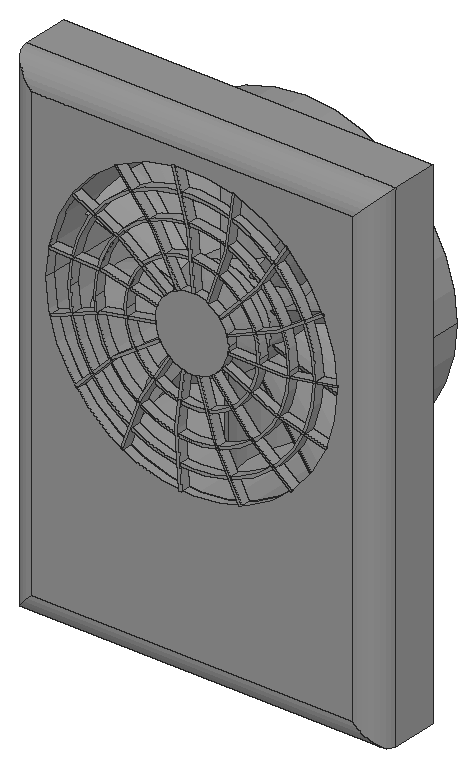
Revit family "Smart_IR", category Mechanical Equipment, Revit 2021
Family settings
  Round Connector Dimension = Use Diameter
  Classification = None
  Part Type = Normal
  Work Plane-Based = No
  Always vertical = Yes
  Cut with Voids When Loaded = No
  Shared = No
  Room Calculation Point = No
Parameters (values of type "Smart IR125 Royal Granit")
  Панель = Panel : 125 Royal granit
  Width = a  # 155 mm
  Weight = 0.40 kg  # constant formula
  Sound pressure level at 3 m distance = "32 dBA"
  Length = L  # 56 mm
  Height = b  # 209 mm
  Diameter = d  # 125 mm
  Default Elevation = 0 mm
  Description = "For round channels"  # constant formula
  Manufacturer = "Blauberg"  # constant formula
  d = 125 mm
  c = 28 mm  # constant formula
  b = 209 mm  # constant formula
  a = 155 mm  # constant formula
  Voltage = if(Number of Fase = 3, 400 V, 230 V)  # 230 V
  URL = "https://blaubergventilatoren.de/en/series/smart#downloads"
  Pressure_Static_Air [instance] = 0.0 m³/h
  Power = 3.8 W
  Number of Fase = 1
  Maximum Air Flow = 133.0 m³/h
  Maintenance zone material = none
  Load Classification = "HVAC"
  e = 28 mm  # constant formula
  L = e + c  # 56 mm
  Frequency = 50 Hz
  Dy = d - 5 mm  # 120 mm
  Casing Material = Plastic, opaque, white
  Apparent Load = Voltage * Amperage  # 16.1 W
  Amperage = if(d = 100 mm, 0.06 A, 0.07 A)  # 0.07 A
  Air Flow [instance] = 0.0 m³/h
  09_System_Name [instance] = ""
  00_20_Type = "Smart IR125 Royal Granit"
  00_20_Name = "Axial fan"  # constant formula
  00_20_Manufacturer = "Blauberg"  # constant formula
Types (29, lengths in mm): name | Панель | Sound pressure level at 3 m distance | Diameter | d | Maximum Air Flow | Frequency | Dy | Apparent Load | Amperage | 00_20_Type
  (no name) | Panel : 125 Royal granit | "32 dBA" | 125 | 125 | 133.0 m³/h | 50 Hz | 120 | 16.1 W | 0.07 A | "Smart IR125 Royal Granit"
  Smart 100 Brilliant red | Panel : 100 Brilliant red | "31 dBA" | 100 | 100 | 106.0 m³/h | 50 Hz | 95 | 13.8 W | 0.06 A | "Smart 100 Brilliant red"
  Smart 125 Madeira | Panel : 125 Madeira | "32 dBA" | 125 | 125 | 133.0 m³/h | 0 Hz | 120 | 16.1 W | 0.07 A | "Smart 125 Madeira"
  Smart 100 Madeira | Panel : 100 Madeira | "31 dBA" | 100 | 100 | 106.0 m³/h | 50 Hz | 95 | 13.8 W | 0.06 A | "Smart 100 Madeira"
  Smart 125 Brilliant red | Panel : 125 Brilliant red | "32 dBA" | 125 | 125 | 133.0 m³/h | 50 Hz | 120 | 16.1 W | 0.07 A | "Smart 125 Brilliant red"
  Smart 100 Savanna | Panel : 100 Savanna | "31 dBA" | 100 | 100 | 106.0 m³/h | 50 Hz | 95 | 13.8 W | 0.06 A | "Smart 100 Savanna"
  Smart 125 Savanna | Panel : 125 Savanna | "32 dBA" | 125 | 125 | 133.0 m³/h | 50 Hz | 120 | 16.1 W | 0.07 A | "Smart 125 Savanna"
  Smart 100 Cosmos Black | Panel : 100 Cosmos black | "31 dBA" | 100 | 100 | 106.0 m³/h | 50 Hz | 95 | 13.8 W | 0.06 A | "Smart 100 Cosmos Black"
  Smart 125 Cosmos Black | Panel : 125 Cosmos black | "32 dBA" | 125 | 125 | 133.0 m³/h | 50 Hz | 120 | 16.1 W | 0.07 A | "Smart 125 Cosmos Black"
  Smart 100 Royal Granit | Panel : 100 Royal granit | "31 dBA" | 100 | 100 | 106.0 m³/h | 50 Hz | 95 | 13.8 W | 0.06 A | "Smart 100 Royal Granit"
  Smart 125 Royal Granit | Panel : 125 Royal granit | "32 dBA" | 125 | 125 | 133.0 m³/h | 50 Hz | 120 | 16.1 W | 0.07 A | "Smart 125 Royal Granit"
  Smart 100 Platinum | Panel : 100 Platinum | "31 dBA" | 100 | 100 | 106.0 m³/h | 50 Hz | 95 | 13.8 W | 0.06 A | "Smart 100 Platinum"
  Smart 125 Platinum | Panel : 125 Platinum | "32 dBA" | 125 | 125 | 133.0 m³/h | 50 Hz | 120 | 16.1 W | 0.07 A | "Smart 125 Platinum"
  Smart 125 Volcano Gray | Panel : 125 Volcano Gray | "32 dBA" | 125 | 125 | 133.0 m³/h | 50 Hz | 120 | 16.1 W | 0.07 A | "Smart 125 Volcano Gray"
  Smart 100 Volcano Gray | Panel : 100 Volcano Gray | "31 dBA" | 100 | 100 | 106.0 m³/h | 50 Hz | 95 | 13.8 W | 0.06 A | "Smart 100 Volcano Gray"
  Smart IR 100 Brilliant red | Panel : 100 Brilliant red | "31 dBA" | 100 | 100 | 106.0 m³/h | 50 Hz | 95 | 13.8 W | 0.06 A | "Smart IR 100 Brilliant red"
  Smart IR 100 Cosmos Black | Panel : 100 Cosmos black | "31 dBA" | 100 | 100 | 106.0 m³/h | 50 Hz | 95 | 13.8 W | 0.06 A | "Smart IR 100 Cosmos Black"
  Smart IR 100 Madeira | Panel : 100 Madeira | "31 dBA" | 100 | 100 | 106.0 m³/h | 50 Hz | 95 | 13.8 W | 0.06 A | "Smart IR 100 Madeira"
  Smart IR 100 Platinum | Panel : 100 Platinum | "31 dBA" | 100 | 100 | 106.0 m³/h | 50 Hz | 95 | 13.8 W | 0.06 A | "Smart IR 100 Platinum"
  Smart IR 100 Royal Granit | Panel : 100 Royal granit | "31 dBA" | 100 | 100 | 106.0 m³/h | 50 Hz | 95 | 13.8 W | 0.06 A | "Smart IR 100 Royal Granit"
  Smart IR 100 Savanna | Panel : 100 Savanna | "31 dBA" | 100 | 100 | 106.0 m³/h | 50 Hz | 95 | 13.8 W | 0.06 A | "Smart IR 100 Savanna"
  Smart IR 100 Volcano Gray | Panel : 100 Volcano Gray | "31 dBA" | 100 | 100 | 106.0 m³/h | 50 Hz | 95 | 13.8 W | 0.06 A | "Smart IR 100 Volcano Gray"
  Smart IR 125 Brilliant red | Panel : 125 Brilliant red | "32 dBA" | 125 | 125 | 133.0 m³/h | 50 Hz | 120 | 16.1 W | 0.07 A | "Smart IR 125 Brilliant red"
  Smart IR 125 Cosmos Black | Panel : 125 Cosmos black | "32 dBA" | 125 | 125 | 133.0 m³/h | 50 Hz | 120 | 16.1 W | 0.07 A | "Smart IR 125 Cosmos Black"
  Smart IR 125 Madeira | Panel : 125 Madeira | "32 dBA" | 125 | 125 | 133.0 m³/h | 0 Hz | 120 | 16.1 W | 0.07 A | "Smart IR 125 Madeira"
  Smart IR 125 Platinum | Panel : 125 Platinum | "32 dBA" | 125 | 125 | 133.0 m³/h | 50 Hz | 120 | 16.1 W | 0.07 A | "Smart IR 125 Platinum"
  Smart IR125 Royal Granit | Panel : 125 Royal granit | "32 dBA" | 125 | 125 | 133.0 m³/h | 50 Hz | 120 | 16.1 W | 0.07 A | "Smart IR125 Royal Granit"
  Smart IR 125 Savanna | Panel : 125 Savanna | "32 dBA" | 125 | 125 | 133.0 m³/h | 50 Hz | 120 | 16.1 W | 0.07 A | "Smart IR 125 Savanna"
  Smart IR 125 Volcano Gray | Panel : 125 Volcano Gray | "32 dBA" | 125 | 125 | 133.0 m³/h | 50 Hz | 120 | 16.1 W | 0.07 A | "Smart IR 125 Volcano Gray"
Reference planes
  plane 1 "По центру (Вперед/Назад)": y = 0
  plane 2: z = 0
  plane 3 "По центру (Влево/Вправо)": x = 0
Forms (mm)
  Extrusion 1, solid, material "Plastic, opaque, white" <- "Casing Material"
    sketch origin (0, 0, 0) x (1, 0, 0) y (0, 0, 1)
      loop
        circle (0, 0) r 62.5
      loop
        circle (0, 0) r 60
    from -29 to 25
Dimensions and locks
  plane 1 "По центру (Вперед/Назад)" to Extrusion 1 = 29 mm
  "c": plane 1 "По центру (Вперед/Назад)" to nested 1
  "d": diameter of Extrusion 1 sketch curve
  "Dy": diameter of Extrusion 1 sketch curve
  aligned and locked: level to plane 2
  aligned and locked: level to nested 1
  aligned and locked: nested 1 to plane 3 "По центру (Влево/Вправо)"
  aligned and locked: plane 1 "По центру (Вперед/Назад)" to nested 2
  aligned and locked: plane 3 "По центру (Влево/Вправо)" to nested 2
Automatic sketch dimensions
  Extrusion 1 sketch curve to Extrusion 1 sketch curve = 0 mm  (x2)
  Extrusion 1 sketch curve to level = 0 mm
  Extrusion 1 sketch curve to plane 3 "По центру (Влево/Вправо)" = 0 mm
Nested families
  nested 1: "Fan" at (0, 19.445, 0) x (-1, 0, 0) z (0, -1, 0), type "Fan"
    with R 60 mm, Dy 120 mm
  nested 2: "Panel" at (0, 0, 0), type <- "Панель", type "125 Royal granit"
Connectors
  hvac at (0, 29, 0), driven by "d"
    settings: on Extrusion 1, index 1, duct flow 0.0 m³/h, flow factor 0, pres drop 0.0 Pa, loss coef 0, conn angle 0.00°, conn width 304.8 mm, conn height 304.8 mm, conn diameter 125 mm, duct sys type 3, conn prof type 0, flow config 0, flow direction 2, loss method 0, conn ref index -1, conn util no, is conn primary yes, conn desc ""
  electrical at (0, 29, 0), driven by "Voltage", driven by "Power"
    settings: on Extrusion 1, index 2, voltage 230 V, apparent load 3.8 W, apparent load phase1 0 W, apparent load phase2 0 W, apparent load phase3 0 W, power factor 1, load classification "Прочее", number of poles 1, system type 30, power factor state 1, is connector primary yes, connector utility no, sub classification motor no, connector description ""
Definition of nested family "Fan"
  Parameters (values of type "Вентилятор")
    Default Elevation = 0 mm
    n = 10
    R = Dy / 2  # 47.5 mm
    Dy = 95 mm
  Reference planes
    plane 1 "По центру (Вперед/Назад)": y = 0
    plane 2: z = 0
    plane 3 "По центру (Влево/Вправо)": x = 0
  Forms (mm)
    Extrusion 1, solid
      sketch origin (5, 0, 0) x (1, 0, 0) y (0, 0, 1)
        loop
          arc (-1.417, 0) -> (-5.784, 15.673) -> (-3.327, 31.756) r 38.725
          arc (-3.327, 31.756) -> (-13.26, 17.281) -> (-10.167, 0) r 23.13
          line (-10.167, 0) -> (-1.417, 0)
      from 17.36 to 47.5 <- "R"
    Extrusion 2, solid
      sketch origin (4.045, -2.939, 0) x (0.809017, -0.587785, 0) y (0, 0, 1)
        loop
          arc (-1.417, 0) -> (-5.784, 15.673) -> (-3.327, 31.756) r 38.725
          arc (-3.327, 31.756) -> (-13.26, 17.281) -> (-10.167, 0) r 23.13
          line (-10.167, 0) -> (-1.417, 0)
      from 17.36 to 47.5 <- "R"
    Extrusion 3, solid
      sketch origin (4.045, 2.939, 0) x (0.809017, 0.587785, 0) y (0, 0, 1)
        loop
          arc (-1.417, 0) -> (-5.784, 15.673) -> (-3.327, 31.756) r 38.725
          arc (-3.327, 31.756) -> (-13.26, 17.281) -> (-10.167, 0) r 23.13
          line (-10.167, 0) -> (-1.417, 0)
      from 17.36 to 47.5 <- "R"
    Extrusion 4, solid
      sketch origin (1.545, 4.755, 0) x (0.309017, 0.951057, 0) y (0, 0, 1)
        loop
          arc (-1.417, 0) -> (-5.784, 15.673) -> (-3.327, 31.756) r 38.725
          arc (-3.327, 31.756) -> (-13.26, 17.281) -> (-10.167, 0) r 23.13
          line (-10.167, 0) -> (-1.417, 0)
      from 17.36 to 47.5 <- "R"
    Extrusion 5, solid
      sketch origin (-1.545, 4.755, 0) x (-0.309017, 0.951057, 0) y (0, 0, 1)
        loop
          arc (-1.417, 0) -> (-5.784, 15.673) -> (-3.327, 31.756) r 38.725
          arc (-3.327, 31.756) -> (-13.26, 17.281) -> (-10.167, 0) r 23.13
          line (-10.167, 0) -> (-1.417, 0)
      from 17.36 to 47.5 <- "R"
    Extrusion 6, solid
      sketch origin (-4.045, 2.939, 0) x (-0.809017, 0.587785, 0) y (0, 0, 1)
        loop
          arc (-1.417, 0) -> (-5.784, 15.673) -> (-3.327, 31.756) r 38.725
          arc (-3.327, 31.756) -> (-13.26, 17.281) -> (-10.167, 0) r 23.13
          line (-10.167, 0) -> (-1.417, 0)
      from 17.36 to 47.5 <- "R"
    Extrusion 7, solid
      sketch origin (-5, 0, 0) x (-1, 0, 0) y (0, 0, 1)
        loop
          arc (-1.417, 0) -> (-5.784, 15.673) -> (-3.327, 31.756) r 38.725
          arc (-3.327, 31.756) -> (-13.26, 17.281) -> (-10.167, 0) r 23.13
          line (-10.167, 0) -> (-1.417, 0)
      from 17.36 to 47.5 <- "R"
    Extrusion 8, solid
      sketch origin (-4.045, -2.939, 0) x (-0.809017, -0.587785, 0) y (0, 0, 1)
        loop
          arc (-1.417, 0) -> (-5.784, 15.673) -> (-3.327, 31.756) r 38.725
          arc (-3.327, 31.756) -> (-13.26, 17.281) -> (-10.167, 0) r 23.13
          line (-10.167, 0) -> (-1.417, 0)
      from 17.36 to 47.5 <- "R"
    Revolve 9, solid
      sketch origin (0, 0, 0) x (1, 0, 0) y (0, 0, 1)
        loop
          line (0, -8.555) -> (20, -8.555) -> (20, 33.086)
          arc (20, 33.086) -> (10.356, 37.118) -> (0, 38.543) r 40.436
          line (0, 38.543) -> (0, -8.555)
        axis (0, 38.543) -> (0, -8.555)
      angle from 0 to 360
    Extrusion 10, solid
      sketch origin (-1.545, -4.755, 0) x (-0.309017, -0.951057, 0) y (0, 0, 1)
        loop
          arc (-1.417, 0) -> (-5.784, 15.673) -> (-3.327, 31.756) r 38.725
          arc (-3.327, 31.756) -> (-13.26, 17.281) -> (-10.167, 0) r 23.13
          line (-10.167, 0) -> (-1.417, 0)
      from 17.36 to 47.5 <- "R"
    Extrusion 11, solid
      sketch origin (1.545, -4.755, 0) x (0.309017, -0.951057, 0) y (0, 0, 1)
        loop
          arc (-1.417, 0) -> (-5.784, 15.673) -> (-3.327, 31.756) r 38.725
          arc (-3.327, 31.756) -> (-13.26, 17.281) -> (-10.167, 0) r 23.13
          line (-10.167, 0) -> (-1.417, 0)
      from 17.36 to 47.5 <- "R"
  Dimensions and locks
    aligned and locked: level to plane 2
  Automatic sketch dimensions
    Extrusion 1 sketch curve to Extrusion 1 sketch curve = 8.75 mm
    Extrusion 1 sketch curve to Extrusion 1 sketch curve = 10.768 mm
    Extrusion 1 sketch curve to Extrusion 1 sketch curve = 23.52 mm
    Extrusion 1 sketch curve to Extrusion 1 sketch curve = 12.411 mm
    Extrusion 1 sketch curve to Extrusion 1 sketch curve = 5.588 mm
    Extrusion 2 sketch curve to Extrusion 2 sketch curve = 8.75 mm
    Extrusion 2 sketch curve to Extrusion 2 sketch curve = 10.768 mm
    Extrusion 2 sketch curve to Extrusion 2 sketch curve = 23.52 mm
    Extrusion 2 sketch curve to Extrusion 2 sketch curve = 12.411 mm
    Extrusion 2 sketch curve to Extrusion 2 sketch curve = 5.588 mm
    Extrusion 3 sketch curve to Extrusion 3 sketch curve = 8.75 mm
    Extrusion 3 sketch curve to Extrusion 3 sketch curve = 10.768 mm
    Extrusion 3 sketch curve to Extrusion 3 sketch curve = 23.52 mm
    Extrusion 3 sketch curve to Extrusion 3 sketch curve = 12.411 mm
    Extrusion 3 sketch curve to Extrusion 3 sketch curve = 5.588 mm
    Extrusion 4 sketch curve to Extrusion 4 sketch curve = 8.75 mm
    Extrusion 4 sketch curve to Extrusion 4 sketch curve = 10.768 mm
    Extrusion 4 sketch curve to Extrusion 4 sketch curve = 23.52 mm
    Extrusion 4 sketch curve to Extrusion 4 sketch curve = 12.411 mm
    Extrusion 4 sketch curve to Extrusion 4 sketch curve = 5.588 mm
    Extrusion 5 sketch curve to Extrusion 5 sketch curve = 8.75 mm
    Extrusion 5 sketch curve to Extrusion 5 sketch curve = 10.768 mm
    Extrusion 5 sketch curve to Extrusion 5 sketch curve = 23.52 mm
    Extrusion 5 sketch curve to Extrusion 5 sketch curve = 12.411 mm
    Extrusion 5 sketch curve to Extrusion 5 sketch curve = 5.588 mm
    Extrusion 6 sketch curve to Extrusion 6 sketch curve = 8.75 mm
    Extrusion 6 sketch curve to Extrusion 6 sketch curve = 10.768 mm
    Extrusion 6 sketch curve to Extrusion 6 sketch curve = 23.52 mm
    Extrusion 6 sketch curve to Extrusion 6 sketch curve = 12.411 mm
    Extrusion 6 sketch curve to Extrusion 6 sketch curve = 5.588 mm
    Extrusion 7 sketch curve to Extrusion 7 sketch curve = 8.75 mm
    Extrusion 7 sketch curve to Extrusion 7 sketch curve = 10.768 mm
    Extrusion 7 sketch curve to Extrusion 7 sketch curve = 23.52 mm
    Extrusion 7 sketch curve to Extrusion 7 sketch curve = 12.411 mm
    Extrusion 7 sketch curve to Extrusion 7 sketch curve = 5.588 mm
    Extrusion 8 sketch curve to Extrusion 8 sketch curve = 8.75 mm
    Extrusion 8 sketch curve to Extrusion 8 sketch curve = 10.768 mm
    Extrusion 8 sketch curve to Extrusion 8 sketch curve = 23.52 mm
    Extrusion 8 sketch curve to Extrusion 8 sketch curve = 12.411 mm
    Extrusion 8 sketch curve to Extrusion 8 sketch curve = 5.588 mm
    Revolve 9 sketch curve to plane 3 "По центру (Влево/Вправо)" = 0 mm  (x2)
    Revolve 9 sketch curve to plane 3 "По центру (Влево/Вправо)" = 0.288 mm
    plane 3 "По центру (Влево/Вправо)" to Revolve 9 sketch curve = 20 mm
    Revolve 9 sketch curve to level = 8.555 mm
    Revolve 9 sketch curve to level = 1.892 mm
    level to Revolve 9 sketch curve = 33.086 mm
    Revolve 9 sketch curve to Revolve 9 sketch curve = 3.543 mm
    Revolve 9 sketch curve to Revolve 9 sketch curve = 1.457 mm
    Extrusion 10 sketch curve to Extrusion 10 sketch curve = 8.75 mm
    Extrusion 10 sketch curve to Extrusion 10 sketch curve = 10.768 mm
    Extrusion 10 sketch curve to Extrusion 10 sketch curve = 23.52 mm
    Extrusion 10 sketch curve to Extrusion 10 sketch curve = 12.411 mm
    Extrusion 10 sketch curve to Extrusion 10 sketch curve = 5.588 mm
    Extrusion 11 sketch curve to Extrusion 11 sketch curve = 8.75 mm
    Extrusion 11 sketch curve to Extrusion 11 sketch curve = 10.768 mm
    Extrusion 11 sketch curve to Extrusion 11 sketch curve = 23.52 mm
    Extrusion 11 sketch curve to Extrusion 11 sketch curve = 12.411 mm
    Extrusion 11 sketch curve to Extrusion 11 sketch curve = 5.588 mm
Definition of nested family "Panel"
  Parameters (values of type "125 Madeira")
    Default Elevation = 0 mm
    Материал панели [instance] = none
    Manufacturer = "Blauberg"  # constant formula
    d = 30 mm  # constant formula
    T = 29 mm
    H1 = Dy / 2 + (B - Dy) / 2  # 76 mm
    H = 206 mm
    Dy = 95 mm
    D33 = D3 - 2 mm  # 80 mm
    D3 = Dy - (Dy - d) / 5  # 82 mm
    D22 = D2 - 2 mm  # 64.739 mm
    D2 = Dy - (Dy - d) / 2.3  # 66.739 mm
    D11 = D1 - 2 mm  # 46.571 mm
    D1 = Dy - (Dy - d) / 1.4  # 48.571 mm
    B = 152 mm
  Types (14, lengths in mm): name | T | H1 | H | Dy | D33 | D3 | D22 | D2 | D11 | D1 | B
    100 Brilliant red | 29 | 76 | 206 | 95 | 80 | 82 | 64.739 | 66.739 | 46.571 | 48.571 | 152
    100 Royal granit | 29 | 76 | 206 | 95 | 80 | 82 | 64.739 | 66.739 | 46.571 | 48.571 | 152
    100 Cosmos black | 29 | 76 | 206 | 95 | 80 | 82 | 64.739 | 66.739 | 46.571 | 48.571 | 152
    125 Cosmos black | 28 | 77.5 | 209 | 120 | 100 | 102 | 78.87 | 80.87 | 53.714 | 55.714 | 155
    125 Royal granit | 29 | 76 | 206 | 120 | 100 | 102 | 78.87 | 80.87 | 53.714 | 55.714 | 152
    125 Brilliant red | 29 | 76 | 206 | 120 | 100 | 102 | 78.87 | 80.87 | 53.714 | 55.714 | 152
    100 Savanna | 29 | 76 | 206 | 95 | 80 | 82 | 64.739 | 66.739 | 46.571 | 48.571 | 152
    125 Savanna | 29 | 76 | 206 | 95 | 80 | 82 | 64.739 | 66.739 | 46.571 | 48.571 | 152
    100 Platinum | 29 | 76 | 206 | 95 | 80 | 82 | 64.739 | 66.739 | 46.571 | 48.571 | 152
    125 Platinum | 29 | 76 | 206 | 95 | 80 | 82 | 64.739 | 66.739 | 46.571 | 48.571 | 152
    125 Volcano Gray | 29 | 76 | 206 | 95 | 80 | 82 | 64.739 | 66.739 | 46.571 | 48.571 | 152
    100 Volcano Gray | 29 | 76 | 206 | 95 | 80 | 82 | 64.739 | 66.739 | 46.571 | 48.571 | 152
    100 Madeira | 29 | 76 | 206 | 95 | 80 | 82 | 64.739 | 66.739 | 46.571 | 48.571 | 152
    125 Madeira | 29 | 76 | 206 | 95 | 80 | 82 | 64.739 | 66.739 | 46.571 | 48.571 | 152
  Reference planes
    plane 1 "По центру (Вперед/Назад)": y = 0
    plane 2: z = 0
    plane 3 "По центру (Влево/Вправо)": x = 0
  Forms (mm)
    Extrusion 1, solid, material <- "Материал панели"
      sketch origin (0, 0, 0) x (1, 0, 0) y (0, 0, 1)
        loop
          line (-76, -130) -> (76, -130) -> (76, 76) -> (-76, 76) -> (-76, -130)
        loop
          circle (0, 0) r 47.5
        loop
          circle (0, 0) r 15
        loop
          circle (0, 0) r 24.286
        loop
          circle (0, 0) r 23.286
        loop
          circle (0, 0) r 33.37
        loop
          circle (0, 0) r 32.37
        loop
          circle (0, 0) r 41
        loop
          circle (0, 0) r 40
      from 0 to 29 <- "T"
    Extrusion 2, void
      sketch origin (0, 0, 0) x (1, 0, 0) y (0, 0, 1)
        loop
          line (-72, -126) -> (72, -126) -> (72, 72) -> (-72, 72) -> (-72, -126)
      from 0 to 25
    Extrusion 3, solid, material <- "Материал панели"
      sketch origin (0, 0, 0) x (1, 0, 0) y (0, 0, 1)
        loop
          arc (0, 15) -> (0.501, 14.992) -> (1.001, 14.967) r 15
          arc (1.001, 14.967) -> (0.001, 31.321) -> (-3.18, 47.393) r 122.058
          arc (-3.18, 47.393) -> (-3.688, 47.357) -> (-4.196, 47.314) r 47.5
          arc (-4.196, 47.314) -> (-1.006, 31.299) -> (0, 15) r 121.057
      from 25 to 29
    Extrusion 4, solid, material <- "Материал панели"
      sketch origin (0, 0, 0) x (0.913545, 0, -0.406737) y (0.406737, 0, 0.913545)
        loop
          arc (0, 15) -> (0.501, 14.992) -> (1.001, 14.967) r 15
          arc (1.001, 14.967) -> (0.001, 31.321) -> (-3.18, 47.393) r 122.058
          arc (-3.18, 47.393) -> (-3.688, 47.357) -> (-4.196, 47.314) r 47.5
          arc (-4.196, 47.314) -> (-1.006, 31.299) -> (0, 15) r 121.057
      from 25 to 29
    Extrusion 5, solid, material <- "Материал панели"
      sketch origin (0, 0, 0) x (0.913545, 0, 0.406737) y (-0.406737, 0, 0.913545)
        loop
          arc (0, 15) -> (0.501, 14.992) -> (1.001, 14.967) r 15
          arc (1.001, 14.967) -> (0.001, 31.321) -> (-3.18, 47.393) r 122.058
          arc (-3.18, 47.393) -> (-3.688, 47.357) -> (-4.196, 47.314) r 47.5
          arc (-4.196, 47.314) -> (-1.006, 31.299) -> (0, 15) r 121.057
      from 25 to 29
    Extrusion 6, solid, material <- "Материал панели"
      sketch origin (0, 0, 0) x (0.669131, 0, 0.743145) y (-0.743145, 0, 0.669131)
        loop
          arc (0, 15) -> (0.501, 14.992) -> (1.001, 14.967) r 15
          arc (1.001, 14.967) -> (0.001, 31.321) -> (-3.18, 47.393) r 122.058
          arc (-3.18, 47.393) -> (-3.688, 47.357) -> (-4.196, 47.314) r 47.5
          arc (-4.196, 47.314) -> (-1.006, 31.299) -> (0, 15) r 121.057
      from 25 to 29
    Extrusion 7, solid, material <- "Материал панели"
      sketch origin (0, 0, 0) x (0.309017, 0, 0.951057) y (-0.951057, 0, 0.309017)
        loop
          arc (0, 15) -> (0.501, 14.992) -> (1.001, 14.967) r 15
          arc (1.001, 14.967) -> (0.001, 31.321) -> (-3.18, 47.393) r 122.058
          arc (-3.18, 47.393) -> (-3.688, 47.357) -> (-4.196, 47.314) r 47.5
          arc (-4.196, 47.314) -> (-1.006, 31.299) -> (0, 15) r 121.057
      from 25 to 29
    Extrusion 8, solid, material <- "Материал панели"
      sketch origin (0, 0, 0) x (-0.104528, 0, 0.994522) y (-0.994522, 0, -0.104528)
        loop
          arc (0, 15) -> (0.501, 14.992) -> (1.001, 14.967) r 15
          arc (1.001, 14.967) -> (0.001, 31.321) -> (-3.18, 47.393) r 122.058
          arc (-3.18, 47.393) -> (-3.688, 47.357) -> (-4.196, 47.314) r 47.5
          arc (-4.196, 47.314) -> (-1.006, 31.299) -> (0, 15) r 121.057
      from 25 to 29
    Extrusion 9, solid, material <- "Материал панели"
      sketch origin (0, 0, 0) x (-0.5, 0, 0.866025) y (-0.866025, 0, -0.5)
        loop
          arc (0, 15) -> (0.501, 14.992) -> (1.001, 14.967) r 15
          arc (1.001, 14.967) -> (0.001, 31.321) -> (-3.18, 47.393) r 122.058
          arc (-3.18, 47.393) -> (-3.688, 47.357) -> (-4.196, 47.314) r 47.5
          arc (-4.196, 47.314) -> (-1.006, 31.299) -> (0, 15) r 121.057
      from 25 to 29
    Extrusion 10, solid, material <- "Материал панели"
      sketch origin (0, 0, 0) x (-0.809017, 0, 0.587785) y (-0.587785, 0, -0.809017)
        loop
          arc (0, 15) -> (0.501, 14.992) -> (1.001, 14.967) r 15
          arc (1.001, 14.967) -> (0.001, 31.321) -> (-3.18, 47.393) r 122.058
          arc (-3.18, 47.393) -> (-3.688, 47.357) -> (-4.196, 47.314) r 47.5
          arc (-4.196, 47.314) -> (-1.006, 31.299) -> (0, 15) r 121.057
      from 25 to 29
    Extrusion 11, solid, material <- "Материал панели"
      sketch origin (0, 0, 0) x (-0.978148, 0, 0.207912) y (-0.207912, 0, -0.978148)
        loop
          arc (0, 15) -> (0.501, 14.992) -> (1.001, 14.967) r 15
          arc (1.001, 14.967) -> (0.001, 31.321) -> (-3.18, 47.393) r 122.058
          arc (-3.18, 47.393) -> (-3.688, 47.357) -> (-4.196, 47.314) r 47.5
          arc (-4.196, 47.314) -> (-1.006, 31.299) -> (0, 15) r 121.057
      from 25 to 29
    Extrusion 12, solid, material <- "Материал панели"
      sketch origin (0, 0, 0) x (-0.978148, 0, -0.207912) y (0.207912, 0, -0.978148)
        loop
          arc (0, 15) -> (0.501, 14.992) -> (1.001, 14.967) r 15
          arc (1.001, 14.967) -> (0.001, 31.321) -> (-3.18, 47.393) r 122.058
          arc (-3.18, 47.393) -> (-3.688, 47.357) -> (-4.196, 47.314) r 47.5
          arc (-4.196, 47.314) -> (-1.006, 31.299) -> (0, 15) r 121.057
      from 25 to 29
    Extrusion 13, solid, material <- "Материал панели"
      sketch origin (0, 0, 0) x (-0.809017, 0, -0.587785) y (0.587785, 0, -0.809017)
        loop
          arc (0, 15) -> (0.501, 14.992) -> (1.001, 14.967) r 15
          arc (1.001, 14.967) -> (0.001, 31.321) -> (-3.18, 47.393) r 122.058
          arc (-3.18, 47.393) -> (-3.688, 47.357) -> (-4.196, 47.314) r 47.5
          arc (-4.196, 47.314) -> (-1.006, 31.299) -> (0, 15) r 121.057
      from 25 to 29
    Extrusion 14, solid, material <- "Материал панели"
      sketch origin (0, 0, 0) x (-0.5, 0, -0.866025) y (0.866025, 0, -0.5)
        loop
          arc (0, 15) -> (0.501, 14.992) -> (1.001, 14.967) r 15
          arc (1.001, 14.967) -> (0.001, 31.321) -> (-3.18, 47.393) r 122.058
          arc (-3.18, 47.393) -> (-3.688, 47.357) -> (-4.196, 47.314) r 47.5
          arc (-4.196, 47.314) -> (-1.006, 31.299) -> (0, 15) r 121.057
      from 25 to 29
    Extrusion 15, solid, material <- "Материал панели"
      sketch origin (0, 0, 0) x (-0.104528, 0, -0.994522) y (0.994522, 0, -0.104528)
        loop
          arc (0, 15) -> (0.501, 14.992) -> (1.001, 14.967) r 15
          arc (1.001, 14.967) -> (0.001, 31.321) -> (-3.18, 47.393) r 122.058
          arc (-3.18, 47.393) -> (-3.688, 47.357) -> (-4.196, 47.314) r 47.5
          arc (-4.196, 47.314) -> (-1.006, 31.299) -> (0, 15) r 121.057
      from 25 to 29
    Extrusion 16, solid, material <- "Материал панели"
      sketch origin (0, 0, 0) x (0.309017, 0, -0.951057) y (0.951057, 0, 0.309017)
        loop
          arc (0, 15) -> (0.501, 14.992) -> (1.001, 14.967) r 15
          arc (1.001, 14.967) -> (0.001, 31.321) -> (-3.18, 47.393) r 122.058
          arc (-3.18, 47.393) -> (-3.688, 47.357) -> (-4.196, 47.314) r 47.5
          arc (-4.196, 47.314) -> (-1.006, 31.299) -> (0, 15) r 121.057
      from 25 to 29
    Extrusion 17, solid, material <- "Материал панели"
      sketch origin (0, 0, 0) x (0.669131, 0, -0.743145) y (0.743145, 0, 0.669131)
        loop
          arc (0, 15) -> (0.501, 14.992) -> (1.001, 14.967) r 15
          arc (1.001, 14.967) -> (0.001, 31.321) -> (-3.18, 47.393) r 122.058
          arc (-3.18, 47.393) -> (-3.688, 47.357) -> (-4.196, 47.314) r 47.5
          arc (-4.196, 47.314) -> (-1.006, 31.299) -> (0, 15) r 121.057
      from 25 to 29
    Sweep 18, void
      path in 3D
        loop
          line (-76, -29, 76) -> (-76, -29, -130) -> (76, -29, -130) -> (76, -29, 76) -> (-76, -29, 76)
      profile origin (0, -29, 76) x (0, -1, 0) y (0, 0, 1)
        loop
          line (0, 0) -> (-10, 0)
          arc (-10, 0) -> (-2.929, -2.929) -> (0, -10) r 10
          line (0, -10) -> (0, 0)
  Cuts and joins
    Extrusion 2, Sweep 18 cuts Extrusion 1
  Lines and regions (mm)
    sketch lines
      curve 1: line (76, -29, 76) -> (-76, -29, 76)
      curve 2: line (-76, -29, 76) -> (-76, -29, -130)
      curve 3: line (76, -29, -130) -> (76, -29, 76)
      curve 4: line (-76, -29, -130) -> (76, -29, -130)
  Dimensions and locks
    "H": Extrusion 1 sketch curve to Extrusion 1 sketch curve
    equal spacing: Extrusion 1 sketch curve, plane 3 "По центру (Влево/Вправо)", Extrusion 1 sketch curve
    "B": Extrusion 1 sketch curve to Extrusion 1 sketch curve
    "H1": Extrusion 1 sketch curve to level
    Extrusion 1 to Extrusion 2 sketch curve = 4 mm  (x3)
    Extrusion 2 sketch curve to Extrusion 1 = 4 mm
    "Dy": diameter of Extrusion 1 sketch curve
    "D1": diameter of Extrusion 1 sketch curve
    "D11": diameter of Extrusion 1 sketch curve
    "D2": diameter of Extrusion 1 sketch curve
    "D22": diameter of Extrusion 1 sketch curve
    "D3": diameter of Extrusion 1 sketch curve
    "D33": diameter of Extrusion 1 sketch curve
    "d": diameter of Extrusion 1 sketch curve
    "Dy": diameter of Extrusion 3 sketch curve
    "d": diameter of Extrusion 3 sketch curve
    "Dy": diameter of Extrusion 4 sketch curve
    "d": diameter of Extrusion 4 sketch curve
    "Dy": diameter of Extrusion 5 sketch curve
    "d": diameter of Extrusion 5 sketch curve
    "Dy": diameter of Extrusion 6 sketch curve
    "d": diameter of Extrusion 6 sketch curve
    "Dy": diameter of Extrusion 7 sketch curve
    "d": diameter of Extrusion 7 sketch curve
    "Dy": diameter of Extrusion 8 sketch curve
    "d": diameter of Extrusion 8 sketch curve
    "Dy": diameter of Extrusion 9 sketch curve
    "d": diameter of Extrusion 9 sketch curve
    "Dy": diameter of Extrusion 10 sketch curve
    "d": diameter of Extrusion 10 sketch curve
    "Dy": diameter of Extrusion 11 sketch curve
    "d": diameter of Extrusion 11 sketch curve
    "Dy": diameter of Extrusion 12 sketch curve
    "d": diameter of Extrusion 12 sketch curve
    "Dy": diameter of Extrusion 13 sketch curve
    "d": diameter of Extrusion 13 sketch curve
    "Dy": diameter of Extrusion 14 sketch curve
    "d": diameter of Extrusion 14 sketch curve
    "Dy": diameter of Extrusion 15 sketch curve
    "d": diameter of Extrusion 15 sketch curve
    "Dy": diameter of Extrusion 16 sketch curve
    "d": diameter of Extrusion 16 sketch curve
    "Dy": diameter of Extrusion 17 sketch curve
    "d": diameter of Extrusion 17 sketch curve
    aligned and locked: level to plane 2
  Automatic sketch dimensions
    Extrusion 3 sketch curve to Extrusion 3 sketch curve = 0 mm  (x8)
    Extrusion 3 sketch curve to Extrusion 3 sketch curve = 1.016 mm
    Extrusion 3 sketch curve to Extrusion 3 sketch curve = 121.055 mm
    Extrusion 3 sketch curve to Extrusion 3 sketch curve = 0.711 mm
    Extrusion 4 sketch curve to Extrusion 4 sketch curve = 0 mm  (x8)
    Extrusion 4 sketch curve to Extrusion 4 sketch curve = 1.016 mm
    Extrusion 4 sketch curve to Extrusion 4 sketch curve = 121.055 mm
    Extrusion 4 sketch curve to Extrusion 4 sketch curve = 0.711 mm
    Extrusion 5 sketch curve to Extrusion 5 sketch curve = 0 mm  (x8)
    Extrusion 5 sketch curve to Extrusion 5 sketch curve = 1.016 mm
    Extrusion 5 sketch curve to Extrusion 5 sketch curve = 121.055 mm
    Extrusion 5 sketch curve to Extrusion 5 sketch curve = 0.711 mm
    Extrusion 6 sketch curve to Extrusion 6 sketch curve = 0 mm  (x8)
    Extrusion 6 sketch curve to Extrusion 6 sketch curve = 1.016 mm
    Extrusion 6 sketch curve to Extrusion 6 sketch curve = 121.055 mm
    Extrusion 6 sketch curve to Extrusion 6 sketch curve = 0.711 mm
    Extrusion 7 sketch curve to Extrusion 7 sketch curve = 0 mm  (x8)
    Extrusion 7 sketch curve to Extrusion 7 sketch curve = 1.016 mm
    Extrusion 7 sketch curve to Extrusion 7 sketch curve = 121.055 mm
    Extrusion 7 sketch curve to Extrusion 7 sketch curve = 0.711 mm
    Extrusion 8 sketch curve to Extrusion 8 sketch curve = 0 mm  (x8)
    Extrusion 8 sketch curve to Extrusion 8 sketch curve = 1.016 mm
    Extrusion 8 sketch curve to Extrusion 8 sketch curve = 121.055 mm
    Extrusion 8 sketch curve to Extrusion 8 sketch curve = 0.711 mm
    Extrusion 9 sketch curve to Extrusion 9 sketch curve = 0 mm  (x8)
    Extrusion 9 sketch curve to Extrusion 9 sketch curve = 1.016 mm
    Extrusion 9 sketch curve to Extrusion 9 sketch curve = 121.055 mm
    Extrusion 9 sketch curve to Extrusion 9 sketch curve = 0.711 mm
    Extrusion 10 sketch curve to Extrusion 10 sketch curve = 0 mm  (x8)
    Extrusion 10 sketch curve to Extrusion 10 sketch curve = 1.016 mm
    Extrusion 10 sketch curve to Extrusion 10 sketch curve = 121.055 mm
    Extrusion 10 sketch curve to Extrusion 10 sketch curve = 0.711 mm
    Extrusion 11 sketch curve to Extrusion 11 sketch curve = 0 mm  (x8)
    Extrusion 11 sketch curve to Extrusion 11 sketch curve = 1.016 mm
    Extrusion 11 sketch curve to Extrusion 11 sketch curve = 121.055 mm
    Extrusion 11 sketch curve to Extrusion 11 sketch curve = 0.711 mm
    Extrusion 12 sketch curve to Extrusion 12 sketch curve = 0 mm  (x8)
    Extrusion 12 sketch curve to Extrusion 12 sketch curve = 1.016 mm
    Extrusion 12 sketch curve to Extrusion 12 sketch curve = 121.055 mm
    Extrusion 12 sketch curve to Extrusion 12 sketch curve = 0.711 mm
    Extrusion 13 sketch curve to Extrusion 13 sketch curve = 0 mm  (x8)
    Extrusion 13 sketch curve to Extrusion 13 sketch curve = 1.016 mm
    Extrusion 13 sketch curve to Extrusion 13 sketch curve = 121.055 mm
    Extrusion 13 sketch curve to Extrusion 13 sketch curve = 0.711 mm
    Extrusion 14 sketch curve to Extrusion 14 sketch curve = 0 mm  (x8)
    Extrusion 14 sketch curve to Extrusion 14 sketch curve = 1.016 mm
    Extrusion 14 sketch curve to Extrusion 14 sketch curve = 121.055 mm
    Extrusion 14 sketch curve to Extrusion 14 sketch curve = 0.711 mm
    Extrusion 15 sketch curve to Extrusion 15 sketch curve = 0 mm  (x8)
    Extrusion 15 sketch curve to Extrusion 15 sketch curve = 1.016 mm
    Extrusion 15 sketch curve to Extrusion 15 sketch curve = 121.055 mm
    Extrusion 15 sketch curve to Extrusion 15 sketch curve = 0.711 mm
    Extrusion 16 sketch curve to Extrusion 16 sketch curve = 0 mm  (x8)
    Extrusion 16 sketch curve to Extrusion 16 sketch curve = 1.016 mm
    Extrusion 16 sketch curve to Extrusion 16 sketch curve = 121.055 mm
    Extrusion 16 sketch curve to Extrusion 16 sketch curve = 0.711 mm
    Extrusion 17 sketch curve to Extrusion 17 sketch curve = 0 mm  (x8)
    Extrusion 17 sketch curve to Extrusion 17 sketch curve = 1.016 mm
    Extrusion 17 sketch curve to Extrusion 17 sketch curve = 121.055 mm
    Extrusion 17 sketch curve to Extrusion 17 sketch curve = 0.711 mm
    Sweep 18 sketch curve to profile plane = 0 mm  (x2)
    profile plane to Sweep 18 sketch curve = 10 mm
    Extrusion 1 sketch curve to Extrusion 1 sketch curve = 0 mm  (x56)
    Extrusion 1 sketch curve to level = 0 mm
    Extrusion 1 sketch curve to plane 3 "По центру (Влево/Вправо)" = 0 mm
